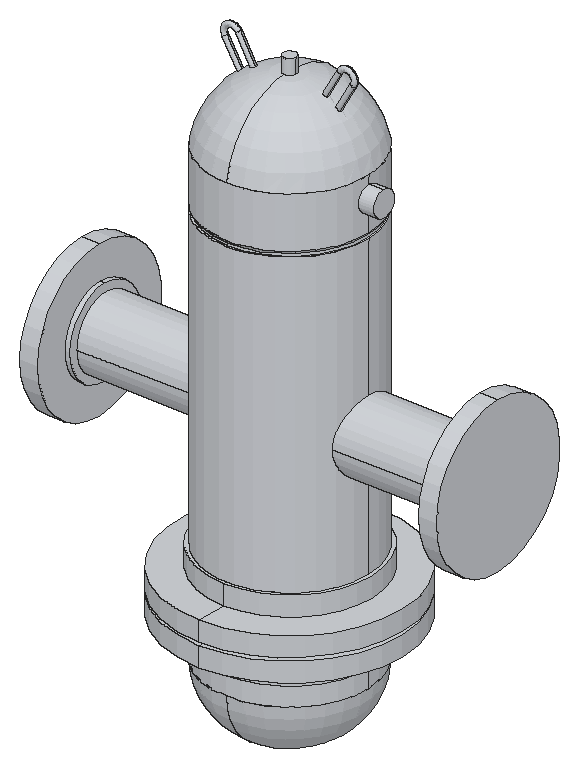
Revit family "WVA-3", category Mechanical Equipment, Revit 2014
Parameters (values of type "WVA-3")
  SideDrainExtrusion = CylinderHalfLength * 0.13123  # 0.72177"
  PipeConnectorDiameter = 3"
  PartNumber = "72080030"
  MaximumOperatingTemperature = "240°F"
  MaximumOperatingPressure = "125 PSIG"
  MaximumFlow = "144 GPM"
  HookWidth = 3/4"
  SideFlangeThickness1 = 71/256"
  SideFlangeThickness = 111/128"
  LeftHookDistance = 0.35916"
  TopExtrusionDiameter = A * 0.1111  # 1.2221"
  SideFlangeStep2 = 7 123/256"
  SideFlangeStep1 = 4 65/256"
  PipeDiameter = 3 1/2"
  HookTopDistance = B * 0.01386  # 0.40194"
  HookDistance = A * 0.19597  # 2.15567"
  URL = "http://westank.com/"
  TotalHeight = B * 0.1364  # 3.9556"
  Step5Diameter = A * 0.21818  # 2.39999"
  Step4Diameter = A * 0.25455  # 2.8"
  Step3Diameter = A * 0.18182  # 2.00002"
  Step2Diameter = A * 0.10909  # 1.19999"
  Step1Diameter = A * 0.05454  # 0.59994"
  RingDistance = B * 0.19599  # 5.68371"
  RevolveRadius = CylindarDia / 2  # 3.85"
  Model = "WVA-3"
  Manufacturer = "Wessels Company"
  HookDiameter = A * 0.0223  # 0.2453"
  Height2 = B * 0.00547  # 0.15863"
  Height1 = B * 0.03268  # 0.94772"
  D = 14 1/2"
  CylinderHeight = B * 0.781  # 22.649"
  CylinderHalfLength = A / 2  # 5 1/2"
  CouplingHeight = B * 0.15525  # 4.50225"
  C = 20 1/4"
  BottomRevolveHeight = B * 0.10886  # 3.15694"
  BottomExtrusionHeight = B * 0.01095  # 0.31755"
  B = 29"
  CylindarDia = A * 0.7  # 7.7"
  NumberOfArray = 9
  ArrayRadius = CylindarDia * 0.62598  # 4.82008"
  ApproximateShipmentWeight = "150 lbs"
  A = 11"
Reference planes (in)
  plane 1: z = 0
  plane 2 "Center (Left/Right)": x = 0
  plane 3: x = -3.85
  plane 4: y = 1.09449
  plane 5: y = -2.75551
  plane 6: x = 3.85
  plane 7: z = 29
  plane 8: z = 14.5
  plane 9: y = -6.60551
  plane 10: z = 25.8245
  plane 11: z = 3.1755
  plane 12: y = -3.25551
  plane 13: y = -2.25551
  plane 14: z = 25.33017
  plane 15: z = 24.33017
  plane 16: z = 24.83017
  plane 17: x = 5.5
  plane 18: z = 23.31629
  plane 19: z = 23.06629
  plane 20: x = 0
  plane 21: z = 3.67159
  plane 22: x = -5.5
  plane 23: y = -8.25551
  plane 24: y = 2.74449
  plane 25: x = 4.35
  plane 26: z = 4.08442
  plane 27: z = 0.31755
  plane 28: z = 3.47449
  plane 29: y = -2.15551
  plane 30: y = -3.35551
  plane 31: x = -10.125
  plane 32: x = 10.125
  plane 33: z = 14.5
  plane 34: x = 2
  plane 35: x = -2.03354
Forms (in)
  Extrusion 1, solid
    sketch origin (0, 0, 0) x (1, 0, 0) y (0, 1, 0)
      loop
        circle (0, -2.75551) r 3.85
    from 3.47449 to 25.8245
  Revolve 2, solid
    sketch origin (0, 0, 0) x (0, 1, 0) y (0, 0, 1)
      loop
        line (-2.75551, 25.8245) -> (-2.75551, 29)
        arc (-2.75551, 29) -> (-5.28701, 28.14758) -> (-6.60551, 25.8245) r 3.7428
        line (-6.60551, 25.8245) -> (-2.75551, 25.8245)
      axis (-2.75551, 29) -> (-2.75551, 25.8245)
    angle from 0 to 360
  Revolve 3, solid
    sketch origin (0, 0, 23) x (0, 1, 0) y (0, 0, 1)
      loop
        line (-2.75551, -19.52551) -> (-6.60551, -19.52551)
        arc (-6.60551, -19.52551) -> (-5.38459, -21.96262) -> (-2.75551, -22.68245) r 3.34572
        line (-2.75551, -22.68245) -> (-2.75551, -19.52551)
      axis (-2.75551, -22.68245) -> (-2.75551, -19.52551)
    angle from 0 to 360
  Extrusion 4, solid
    sketch origin (5.5, -180, 55.70663) x (0, 0, 1) y (0, -1, 0)
      loop
        circle (-30.87646, -177.24449) r 0.61105
    from -0.92823 to -2.09729
  Revolve 5, void
    sketch origin (0, 0, 0) x (0, 1, 0) y (0, 0, 1)
      loop
        line (1.14136, 23.38323) -> (1.00252, 23.18495) -> (1.00252, 23.06629) -> (1.14136, 23.06629) -> (1.14136, 23.38323)
      axis (-2.75551, 23.38323) -> (-2.75551, 23.06629)
    angle from 0 to 360
  Revolve 6, solid
    sketch origin (0, 0, 0) x (0, 1, 0) y (0, 0, 1)
      loop
        line (1.27519, 5.44997) -> (2.74449, 5.44997) -> (2.74449, 6.39769) -> (1.69769, 6.39769) -> (1.69769, 6.55632) -> (2.74449, 6.55632) -> (2.74449, 7.50404) -> (1.27519, 7.50404) -> (1.27519, 8.45785) -> (1.09449, 8.45785) -> (1.09449, 4.50225) -> (1.27519, 4.50225) -> (1.27519, 5.44997)
      axis (-2.75551, 8.45785) -> (-2.75551, 4.50225)
    angle from 0 to 360
  Extrusion 7, solid
    sketch origin (0, 0, 0) x (1, 0, 0) y (0, 1, 0)
      loop
        circle (0, -2.75551) r 0.29997
    from 0 to 0.31755
  Extrusion 8, solid
    sketch origin (0, 0, 0) x (0, 1, 0) y (0, 0, 1)
      loop
        circle (-2.75551, 14.5) r 1.75
    from -8.98047 to 8.98047
  Extrusion 9, solid
    sketch origin (-10.125, -180, 25.05775) x (0, 0, 1) y (0, -1, 0)
      loop
        circle (-10.55775, -177.24449) r 2.12695
    from 1.14453 to 0.86719
  Extrusion 10, solid
    sketch origin (-10.125, -180, 25.05775) x (0, 0, 1) y (0, -1, 0)
      loop
        circle (-10.55775, -177.24449) r 3.74023
    from 0 to 0.86719
  Extrusion 11, solid
    sketch origin (7.625, -180, 25.05775) x (0, 0, 1) y (0, 1, 0)
      loop
        circle (-10.55775, 177.24449) r 2.12695
    from -1.35547 to -1.63281
  Extrusion 12, solid
    sketch origin (7.625, -180, 25.05775) x (0, 0, 1) y (0, 1, 0)
      loop
        circle (-10.55775, 177.24449) r 3.74023
    from -2.5 to -1.63281
  Extrusion 13, solid
    sketch origin (-60.41868, -180, 29) x (-1, 0, 0) y (0, -1, 0)
      loop
        circle (-60.41868, -177.24449) r 0.29997
    from 0 to 0.71071
  Sweep 14, solid
    path origin (-7.04076, 1.6337, 140.40084) x (0.492364, -0.007294, 0.870359) y (0.870365, -0.003259, -0.492396)
      loop
        line (-92.98541, 62.71114) -> (-91.46355, 62.71114)
        arc (-91.46355, 62.71114) -> (-91.08855, 63.08614) -> (-91.46355, 63.46114) r 0.375
        line (-91.46355, 63.46114) -> (-92.98541, 63.46114)
    profile origin (2.13279, 2.10194, 29.25378) x (0.870365, -0.003259, -0.492396) y (0.006428, 0.999968, 0.004743)
      loop
        circle (0, -4.875) r 0.12265
  Sweep 15, solid
    path origin (7.04076, 1.6337, 140.40084) x (-0.492364, -0.007294, 0.870359) y (0.870365, 0.003259, 0.492396)
      loop
        line (-92.98541, -62.71114) -> (-91.46355, -62.71114)
        arc (-91.46355, -62.71114) -> (-91.08855, -63.08614) -> (-91.46355, -63.46114) r 0.375
        line (-91.46355, -63.46114) -> (-92.98541, -63.46114)
    profile origin (-2.13279, 2.10194, 29.25378) x (0.870365, 0.003259, 0.492396) y (-0.006428, 0.999968, 0.004743)
      loop
        circle (0, -4.875) r 0.12265
Cuts and joins
  Revolve 5 cuts Extrusion 1
  joined: Extrusion 1, Revolve 2, Extrusion 4, Revolve 6, Extrusion 8, Sweep 14
Dimensions and locks (in)
  equal spacing: plane 6, plane 2 "Center (Left/Right)", plane 3
  "CylindarDia": plane 6 to plane 3
  equal spacing: plane 7, plane 8, level
  "B": plane 7 to level
  equal spacing: plane 3, plane 2 "Center (Left/Right)", plane 6
  plane 3 to plane 6 = 7.7"
  equal spacing: plane 4, plane 5, plane 9
  plane 4 to plane 9 = 7.7"
  "RevolveRadius": plane 9 to plane 5
  equal spacing: plane 10, plane 8, plane 11
  "CylinderHeight": plane 10 to plane 11
  equal spacing: plane 12, plane 5, plane 13
  plane 12 to plane 13 = 1"
  plane 14 to plane 15 = 1"
  equal spacing: plane 14, plane 16, plane 15
  plane 10 to plane 14 = 0.49433"
  locked: Extrusion 4 sketch curve to plane 5
  locked: Extrusion 4 sketch curve to plane 16 at 0
  locked: Revolve 5 sketch curve to Revolve 5 sketch curve at 0.13884
  locked: plane 18 to plane 19 at 0.25
  "RingDistance": plane 7 to plane 18
  locked: plane 21 to plane 11 at 0.49609
  equal spacing: plane 17, plane 2 "Center (Left/Right)", plane 22
  "A": plane 17 to plane 22
  equal spacing: plane 23, plane 5, plane 24
  "A": plane 23 to plane 24
  locked: plane 25 to plane 6 at 0.5
  Revolve 6 to plane 26 = 1.36555"
  "Height1": Revolve 6 sketch curve to Revolve 6 sketch curve  (x3)
  "Height2": Revolve 6 sketch curve to Revolve 6 sketch curve
  "TotalHeight": Revolve 6 sketch curve to Revolve 6 sketch curve
  "CouplingHeight": level to Revolve 6 sketch curve
  equal spacing: plane 30, plane 5, plane 29
  equal spacing: plane 32, plane 2 "Center (Left/Right)", plane 31
  "C": plane 32 to plane 31
  "D": plane 33 to level
  "SideFlangeThickness": Extrusion 10 to plane 31
  "SideFlangeThickness1": Extrusion 9 to Extrusion 10
  "SideFlangeThickness": plane 32 to Extrusion 12
  "SideFlangeThickness1": Extrusion 11 to Extrusion 12
  locked: plane 20 to Extrusion 13 sketch curve at 0
  locked: plane 5 to Extrusion 13 sketch curve at 0
  "BottomExtrusionHeight": plane 27 to level
  "BottomRevolveHeight": plane 28 to plane 27
  locked: plane 20 to Extrusion 7 sketch curve at 0
  locked: Extrusion 7 sketch curve to plane 5 at 0
  plane 34 to plane 20 to plane 35 = 2", 2.03354"
  "SideDrainExtrusion": Extrusion 4 to plane 6
  "HookWidth": Sweep 14 sketch curve to Sweep 14 sketch curve
  "HookWidth": Sweep 15 sketch curve to Sweep 15 sketch curve
  "CylindarDia": diameter of Extrusion 1 sketch curve
  "TopExtrusionDiameter": diameter of Extrusion 4 sketch curve
  "Step1Diameter": diameter of Extrusion 13 sketch curve
  "PipeDiameter": diameter of Extrusion 8 sketch curve
  "SideFlangeStep1": diameter of Extrusion 9 sketch curve
  "SideFlangeStep2": diameter of Extrusion 10 sketch curve
  "SideFlangeStep1": diameter of Extrusion 11 sketch curve
  "SideFlangeStep2": diameter of Extrusion 12 sketch curve
  "Step1Diameter": diameter of Extrusion 7 sketch curve
  "HookDiameter": diameter of Sweep 14 sketch curve
  "HookDiameter": diameter of Sweep 15 sketch curve
  aligned and locked: level to plane 1
  aligned and locked: Revolve 2 sketch curve to Extrusion 1
  aligned and locked: plane 5 to Revolve 2 sketch curve  (x2)
  aligned and locked: Revolve 2 sketch curve to plane 5
  aligned and locked: Revolve 3 sketch curve to Extrusion 1
  aligned and locked: plane 5 to Revolve 3 sketch curve
  aligned and locked: plane 9 to Revolve 3 sketch curve
  aligned and locked: plane 9 to Revolve 2 sketch curve
  aligned and locked: plane 10 to Extrusion 1
  aligned and locked: Revolve 5 sketch curve to plane 19
  aligned and locked: plane 20 to plane 2 "Center (Left/Right)"
  aligned and locked: Revolve 6 sketch curve to Revolve 6 sketch curve
  aligned and locked: Revolve 6 sketch curve to plane 4
  aligned and locked: Revolve 6 sketch curve to plane 5
  aligned and locked: plane 24 to Revolve 6 sketch curve
  aligned and locked: Revolve 5 sketch curve to plane 5
  aligned and locked: Extrusion 1 to plane 28
  aligned and locked: plane 27 to Extrusion 7
  aligned and locked: Extrusion 7 to level
  aligned and locked: Extrusion 10 to plane 31
  aligned and locked: Extrusion 9 to Extrusion 10
  aligned and locked: Extrusion 8 to Extrusion 9
  aligned and locked: Extrusion 12 to Extrusion 11
  aligned and locked: Extrusion 8 to Extrusion 11
  aligned and locked: plane 32 to Extrusion 12
  aligned and locked: Extrusion 13 to plane 7
Automatic sketch dimensions
  Revolve 3 sketch curve to plane 5 = 0"
  Revolve 3 sketch curve to plane 27 = 0"  (x2)
  Revolve 3 sketch curve to plane 28 = 0"
  Revolve 3 sketch curve to plane 12 = 0.00764"
  Revolve 5 sketch curve to plane 4 = 0.09196"
  plane 19 to Revolve 5 sketch curve = 0.11866"
  plane 18 to Revolve 5 sketch curve = 0.06694"
  Revolve 5 sketch curve to level = 12"
  Revolve 2 sketch curve to plane 10 = 0"
  Revolve 2 sketch curve to plane 7 = 0"
  Revolve 2 sketch curve to plane 14 = 0.06996"
  plane 7 to Revolve 2 sketch curve = 2.7327"
  plane 7 to Revolve 5 sketch curve = 72 7/8"
  Extrusion 1 sketch curve to plane 2 "Center (Left/Right)" = 0"
  Extrusion 1 sketch curve to plane 5 = 0"
  Revolve 6 sketch curve to plane 4 = 0"
  Revolve 6 sketch curve to Revolve 6 sketch curve = 0.1807"  (x2)
  plane 4 to Revolve 6 sketch curve = 0.6032"
  Revolve 6 sketch curve to level = 12"
  plane 7 to Revolve 6 sketch curve = 73"
  Extrusion 8 sketch curve to plane 5 = 0"
  Extrusion 8 sketch curve to plane 8 = 0"
  Extrusion 9 sketch curve to plane 5 = 0"
  Extrusion 9 sketch curve to plane 8 = 0"
  Extrusion 10 sketch curve to plane 5 = 0"
  Extrusion 10 sketch curve to plane 8 = 0"
  Extrusion 11 sketch curve to plane 5 = 0"
  Extrusion 11 sketch curve to plane 8 = 0"
  Extrusion 12 sketch curve to plane 5 = 0"
  Extrusion 12 sketch curve to plane 8 = 0"
  Sweep 14 sketch curve to Sweep 14 sketch curve = 1.52185"
  Sweep 14 sketch curve to Sweep 14 sketch curve = 0"
  Sweep 14 sketch curve to profile plane = 0"
  Sweep 14 sketch curve to profile plane = 4 7/8"
  Sweep 15 sketch curve to Sweep 15 sketch curve = 1.52185"
  Sweep 15 sketch curve to Sweep 15 sketch curve = 0"
  profile plane to Sweep 15 sketch curve = 0"
  Sweep 15 sketch curve to profile plane = 4 7/8"
Connectors (in)
  piping at (10.125, -2.75551, 14.5), diameter 3, driven by "PipeConnectorDiameter"
    settings: on Extrusion 12, index 1, connector inside diameter 24", connector length 0", flow factor 0, pipe flow 0 GPM, pressure drop 0.00 psi, fitting loss kfactor 0, connector angle 0.00°, fixture units 0, engagement length 0", angle of deflection 0.00°, flow configuration 0, flow direction 0, fitting loss method 0, system type 7, joint type 0, gender type 0, connector reference index -1, connector utility 0, adjustable connector no, is connector primary yes, connector description ""
  piping at (-10.125, -2.75551, 14.5), diameter 3, driven by "PipeConnectorDiameter"
    settings: on Extrusion 10, index 2, connector inside diameter 24", connector length 0", flow factor 0, pipe flow 0 GPM, pressure drop 0.00 psi, fitting loss kfactor 0, connector angle 0.00°, fixture units 0, engagement length 0", angle of deflection 0.00°, flow configuration 0, flow direction 0, fitting loss method 0, system type 7, joint type 0, gender type 0, connector reference index -1, connector utility 0, adjustable connector no, is connector primary no, connector description ""
